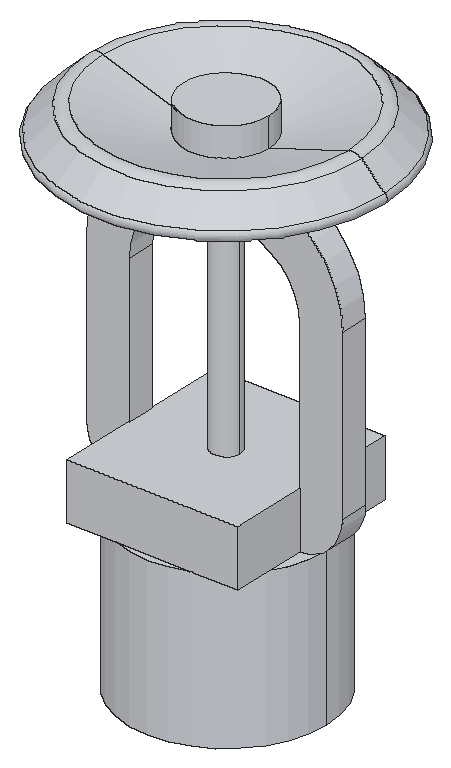
Revit family
Parameters (values of type "RASCO F156 CONVENTIONAL")
  URL = ""
  Temperature Rating = 155 °F
  Response = (empty or 0)
  RASCO SIN # = "RA1325"
  RASCO Part # = "F56C1C"
  Pressure Rating = "175 PSI"
  Pressure Class = (empty or 0)
  Orifice Size = 1/2"
  Orifice = (empty or 0)
  Model = "F156"
  Manufacturer = "RASCO"
  K-Factor = 5.6
  Description = "Chrome Finish"
  Coverage = (empty or 0)
Reference planes (in)
  plane 1 "Center (Front/Back)": y = 0
  plane 2: z = 0
  plane 3 "Center (Left/Right)": x = 0
Nested families (in)
  nested 1: "F56C1C" at (0, 0, 0), type "RASCO F156 CONVENTIONAL"
Connectors (in)
  piping at (0, 0, 0)
    settings: on nested 1, index 1, connector radius 55/128", flow factor 0, pipe flow 0 GPM, pressure drop 0.00 psi, fitting loss kfactor 0, connector angle 0.00°, fixture units 0, flow configuration 0, flow direction 0, fitting loss method 0, system type 7, connector reference index -1, connector utility 0, adjustable connector no, is connector primary yes, fitting loss table "", connector description ""
Definition of nested family "F56C1C"
  Parameters (values of type "RASCO F156 CONVENTIONAL")
    Type Comments = ""
    Temperature Rating = 0 °F
    Response = (empty or 0)
    Pressure Rating = "0"
    Pressure Class = (empty or 0)
    Orifice Size = 0"
    Orifice = (empty or 0)
    Model = ""
    Manufacturer = ""
    K-Factor = 0
    Description = ""
    Coverage = (empty or 0)
    Assembly Code = ""
  Reference planes (in)
    plane 1 "Center (Front/Back)": y = 0
    plane 2: z = 0
    plane 3 "ref.2": z = 0.6875
    plane 4 "ref.3": z = 0.9375
    plane 5: x = -0.38065
    plane 6: x = 0.36935
    plane 7 "ref. side 1": y = 0.06402
    plane 8 "ref. side 2": y = -0.06098
    plane 9 "ref.4": z = 1.875
    plane 10 "ref.5": z = 2.3125
    plane 11 "ref.6": z = 2.4375
  Forms (in)
    Extrusion 1, solid
      sketch origin (0, 0, 0) x (1, 0, 0) y (0, 1, 0)
        loop
          circle (0, 0) r 0.4375
      from 0 to 0.6875
    Extrusion 2, solid
      sketch origin (-0.12185, 0.05177, 0.6875) x (1, 0, 0) y (0, 1, 0)
        loop
          line (-0.2588, 0.356) -> (-0.2588, -0.4565) -> (0.4912, -0.4565) -> (0.4912, 0.356) -> (-0.2588, 0.356)
      from 0 to 0.25
    Extrusion 3, solid
      sketch origin (0, 0, 0) x (1, 0, 0) y (0, 0, 1)
        loop
          line (-0.38065, 0.68754) -> (-0.38065, 1.58397)
          arc (-0.38065, 1.58397) -> (-0.29541, 1.78976) -> (-0.08962, 1.875) r 0.29103
          line (-0.08962, 1.875) -> (0.07524, 1.875)
          arc (0.07524, 1.875) -> (0.28321, 1.78886) -> (0.36935, 1.58089) r 0.29411
          line (0.36935, 1.58089) -> (0.36935, 0.68751)
          arc (0.36935, 0.68751) -> (0.50207, 0.74393) -> (0.55685, 0.87734) r 0.18984
          line (0.55685, 0.87734) -> (0.55685, 1.61676)
          arc (0.55685, 1.61676) -> (0.42629, 1.93194) -> (0.11111, 2.0625) r 0.44574
          line (0.11111, 2.0625) -> (-0.12259, 2.0625)
          arc (-0.12259, 2.0625) -> (-0.43765, 1.932) -> (-0.56815, 1.61694) r 0.44556
          line (-0.56815, 1.61694) -> (-0.56815, 0.87876)
          arc (-0.56815, 0.87876) -> (-0.51345, 0.74486) -> (-0.38065, 0.68754) r 0.19126
      from -0.06402 to 0.06098
    Extrusion 4, solid
      sketch origin (0, 0, 0.9375) x (-1, 0, 0) y (0, -1, 0)
        loop
          circle (0.00574, -0.00152) r 0.0625
      from 0 to 0.9375
    Extrusion 5, solid
      sketch origin (0, 0, 1.875) x (-1, 0, 0) y (0, -1, 0)
        loop
          circle (0.00574, -0.00152) r 0.1875
      from 0 to 0.4375
    Revolve 6, solid
      sketch origin (0, 0, -0.12636) x (1, 0, 0) y (0, 0, 1)
        loop
          line (-0.19416, 2.3128) -> (-0.54518, 2.42685)
          arc (-0.54518, 2.42685) -> (-0.57576, 2.42814) -> (-0.60259, 2.4134) r 0.05694
          line (-0.60259, 2.4134) -> (-0.70574, 2.3125)
          arc (-0.70574, 2.3125) -> (-0.70595, 2.27395) -> (-0.66741, 2.27416) r 0.02711
          line (-0.66741, 2.27416) -> (-0.59007, 2.3515)
          arc (-0.59007, 2.3515) -> (-0.56426, 2.36595) -> (-0.53469, 2.36479) r 0.0545
          line (-0.53469, 2.36479) -> (-0.19416, 2.25415) -> (-0.19416, 2.3128)
        axis (-0.00574, 2.42685) -> (-0.00574, 2.25415)
      angle from 0 to 360
  Cuts and joins
    joined: Extrusion 1, Extrusion 2, Extrusion 4
  Lines and regions (in)
    model lines
      curve 1: line (-0.00574, 0.06402, 1.875) -> (-0.00574, -0.06098, 1.875)
